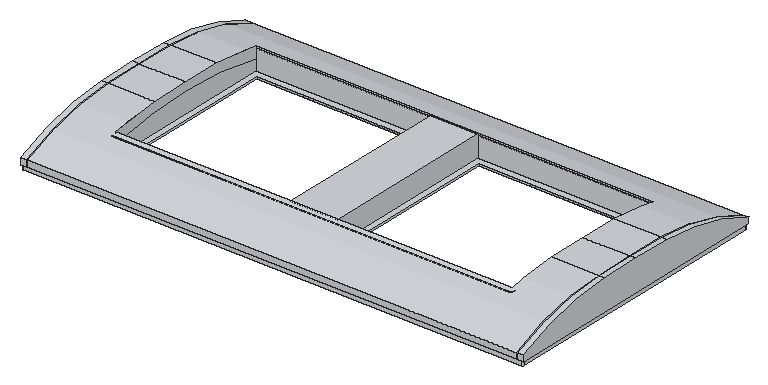
Revit family "Gira_0212326", category Electrical Fixtures, host Face, Revit 2017
Family settings
  Host = Face
  Maintain Annotation Orientation = No
  Round Connector Dimension = Use Diameter
  Part Type = Normal
  Cut with Voids When Loaded = No
  Shared = No
  Room Calculation Point = No
Parameters (values of type "Cov.fr. 2-g interm.fr. PW Gira Event c.alum.")
  With mounting grid = "No"
  With hinged lid = "No"
  URL = "http://katalog.gira.de/en/datenblatt.html?artikelnr=0212326"
  Type of fastening = "Clamp mounting"
  Transparent = "No"
  Surface protection = "Other"
  Suitable for wall duct = "No"
  Suitable for flush-mounted installation = "Yes"
  Suitable for floor box = "No"
  Suitable for built-in installation = "No"
  Number of units vertical = "2"
  Number of units horizontal = "2"
  Number of units = "2"
  Name = "Cov.fr. 2-g interm.fr. PW Gira Event c.alum."
  Mounting direction = "Horizontal and vertical"
  Material quality = "Thermoplastic"
  Material = "Plastic"
  Manufacturer URL = "https://www.gira.de/"
  Manufacturer = "Gira"
  Label space/information surface = "No"
  Keynote = ""
  HeinzeBIM = "https://bimportal.heinze.de/bim/cov-fr-2-g-interm-fr-pw-gira-event-c-alum-/a16ed1146d06a7e1cea6bdcb2a6871ab7fd2211b"
  Halogen free = "Yes"
  HAN = "0212326"
  GTIN = "4010337074328"
  Description = "Cov.fr.2g i.fr.PW Event CAl,Gira Event frames,colour aluminium with pure white glossy intermediate frame,2-gang,Features:,- Shatter-proof."
  Degree of protection (IP) = "IP20"
  Default Elevation = 1219.2 mm
  Data sheet (1) = "https://katalog.gira.de/en/download.html?artikelnr=0212326"
  Colour = "Aluminium"
  Category = "Cover frame for domestic switching devices"
  BIM (1) = "https://media.stage.bim.site/public/gira/36a6b08/Event_Rahmen_2fach.rfa"
  Available = "No"
Reference planes
  plane 1 "Center (Front/Back)": y = 0
  plane 2: z = 0
  plane 3 "Center (Left/Right)": x = 0
Forms (mm)
  Extrusion 1, solid, detail levels fine
    sketch origin (0, 0, 0.05) x (0, 1, 0) y (0, 0, 1)
      loop
        arc (12.445, 9.683) -> (6.223, 9.833) -> (0, 9.85) r 291.636
        arc (0, 9.85) -> (-6.223, 9.833) -> (-12.445, 9.683) r 291.636
        arc (-12.445, 9.683) -> (-29.14, 7.482) -> (-45, 1.823) r 79.728
        line (-45, 1.823) -> (-45, -0.05) -> (-42.086, -0.05)
        arc (-42.086, -0.05) -> (-21.385, 5.559) -> (0, 7.206) r 114.424
        arc (0, 7.206) -> (21.385, 5.559) -> (42.086, -0.05) r 114.424
        line (42.086, -0.05) -> (45, -0.05) -> (45, 1.823)
        arc (45, 1.823) -> (29.14, 7.482) -> (12.445, 9.683) r 79.728
    from -78.55 to 78.55
  Extrusion 2, void, detail levels fine
    sketch origin (0, 0, 0) x (1, 0, 0) y (0, 1, 0)
      loop
        line (-63.55, -27.937) -> (63.55, -27.937) -> (63.55, 28.063) -> (-63.55, 28.063) -> (-63.55, -27.937)
    from 0.724 to 11
  Extrusion 3, solid, detail levels coarse
    sketch origin (0, 0, 0) x (1, 0, 0) y (0, 1, 0)
      loop
        line (-80.55, 45) -> (-80.55, -45) -> (80.55, -45) -> (80.55, 45) -> (-80.55, 45)
    from -1.5 to 9.9
  Extrusion 4, solid, detail levels medium
    sketch origin (0, 0, 0.05) x (0, 1, 0) y (0, 0, 1)
      loop
        arc (12.445, 9.683) -> (6.223, 9.833) -> (0, 9.85) r 291.636
        arc (0, 9.85) -> (-6.223, 9.833) -> (-12.445, 9.683) r 291.636
        arc (-12.445, 9.683) -> (-29.14, 7.482) -> (-45, 1.823) r 79.728
        line (-45, 1.823) -> (-45, -0.05) -> (45, -0.05) -> (45, 1.823)
        arc (45, 1.823) -> (29.14, 7.482) -> (12.445, 9.683) r 79.728
    from -80.55 to 80.55
  Extrusion 5, solid, detail levels fine
    sketch origin (-35.55, 0, -1.5) x (0, 1, 0) y (0, 0, -1)
      loop
        line (45, -3.373) -> (45, -1.5) -> (-45, -1.5) -> (-45, -3.373)
        arc (-45, -3.373) -> (-29.14, -9.032) -> (-12.445, -11.233) r 79.728
        arc (-12.445, -11.233) -> (-6.223, -11.383) -> (0, -11.4) r 291.636
        arc (0, -11.4) -> (6.223, -11.383) -> (12.445, -11.233) r 291.636
        arc (12.445, -11.233) -> (29.14, -9.032) -> (45, -3.373) r 79.728
    from 43 to 45
  Extrusion 6, solid, detail levels fine
    sketch origin (0, 0, 0) x (1, 0, 0) y (0, 1, 0)
      loop
        line (-61.45, 25.7) -> (-61.45, -25.7) -> (-9.65, -25.7) -> (-9.65, 25.7) -> (-61.45, 25.7)
      loop
        line (61.45, -25.7) -> (61.45, 25.7) -> (9.65, 25.7) -> (9.65, -25.7) -> (61.45, -25.7)
      loop
        line (-64.445, 28.49) -> (-64.445, -28.495)
        spline (-64.445, -28.495) -> (-64.436, -28.625) -> (-64.411, -28.754) -> (-64.369, -28.878) -> (-64.311, -28.995) -> (-64.238, -29.104) -> (-64.152, -29.202) -> (-64.054, -29.288) -> (-63.945, -29.361) -> (-63.828, -29.419) -> (-63.704, -29.461) -> (-63.575, -29.486) -> (-63.445, -29.495)
        line (-63.445, -29.495) -> (63.445, -29.495)
        spline (63.445, -29.495) -> (63.575, -29.486) -> (63.704, -29.461) -> (63.828, -29.419) -> (63.945, -29.361) -> (64.054, -29.288) -> (64.152, -29.202) -> (64.238, -29.104) -> (64.311, -28.995) -> (64.369, -28.878) -> (64.411, -28.754) -> (64.436, -28.625) -> (64.445, -28.495)
        line (64.445, -28.495) -> (64.445, 28.49)
        spline (64.445, 28.49) -> (64.436, 28.62) -> (64.411, 28.748) -> (64.369, 28.872) -> (64.311, 28.99) -> (64.238, 29.098) -> (64.152, 29.197) -> (64.054, 29.283) -> (63.945, 29.356) -> (63.828, 29.413) -> (63.704, 29.456) -> (63.575, 29.481) -> (63.445, 29.49)
        line (63.445, 29.49) -> (-63.445, 29.49)
        spline (-63.445, 29.49) -> (-63.575, 29.481) -> (-63.704, 29.456) -> (-63.828, 29.413) -> (-63.945, 29.356) -> (-64.054, 29.283) -> (-64.152, 29.197) -> (-64.238, 29.098) -> (-64.311, 28.99) -> (-64.369, 28.872) -> (-64.411, 28.748) -> (-64.436, 28.62) -> (-64.445, 28.49)
    from 0.1 to 7.3
  Extrusion 7, solid
    sketch origin (0, 0, 0) x (1, 0, 0) y (0, 1, 0)
      loop
        arc (-80.25, -44.2) -> (-80.104, -44.554) -> (-79.75, -44.7) r 0.5
        line (-79.75, -44.7) -> (79.75, -44.7)
        arc (79.75, -44.7) -> (80.104, -44.554) -> (80.25, -44.2) r 0.5
        line (80.25, -44.2) -> (80.25, 44.2)
        arc (80.25, 44.2) -> (80.104, 44.554) -> (79.75, 44.7) r 0.5
        line (79.75, 44.7) -> (-79.75, 44.7)
        arc (-79.75, 44.7) -> (-80.104, 44.554) -> (-80.25, 44.2) r 0.5
        line (-80.25, 44.2) -> (-80.25, -44.2)
      loop
        line (-78.55, 43) -> (-78.55, -43) -> (78.55, -43) -> (78.55, 43) -> (-78.55, 43)
    from -1.5 to 0.5
  Extrusion 8, solid, detail levels fine
    sketch origin (35.55, 0, -1.5) x (0, 1, 0) y (0, 0, 1)
      loop
        arc (45, 3.373) -> (29.14, 9.032) -> (12.445, 11.233) r 79.728
        arc (12.445, 11.233) -> (6.223, 11.383) -> (0, 11.4) r 291.636
        arc (0, 11.4) -> (-6.223, 11.383) -> (-12.445, 11.233) r 291.636
        arc (-12.445, 11.233) -> (-29.14, 9.032) -> (-45, 3.373) r 79.728
        line (-45, 3.373) -> (-45, 1.5) -> (45, 1.5) -> (45, 3.373)
    from 43 to 45
  Extrusion 9, solid, detail levels medium
    sketch origin (0, 0, 0) x (1, 0, 0) y (0, 1, 0)
      loop
        line (-80.25, -44.7) -> (80.25, -44.7) -> (80.25, 44.7) -> (-80.25, 44.7) -> (-80.25, -44.7)
    from -1.5 to 0.5
  Extrusion 10, solid, detail levels fine
    sketch origin (0, 0, 0) x (1, 0, 0) y (0, 1, 0)
      loop
        line (-7.55, 28.063) -> (-7.55, -27.937) -> (7.55, -27.937) -> (7.55, 28.063) -> (-7.55, 28.063)
    from 0.724 to 7.566
Cuts and joins
  Extrusion 2 cuts Extrusion 1
  Extrusion 2 cuts Extrusion 6
Dimensions and locks
  aligned and locked: plane 2 to host face
  aligned and locked: level to host face
